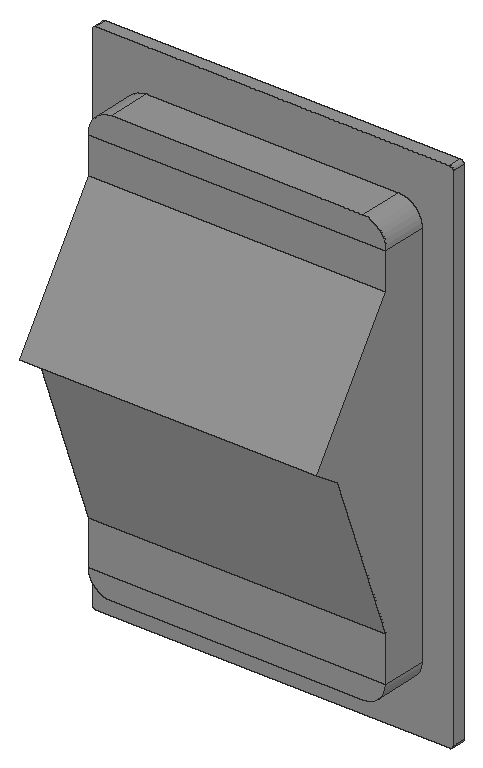
Revit family "L&L_LUCE&LIGHT_PASITO_MINI_1.1", category Lighting Fixtures, host Wall, Revit 2018
Family settings
  Host = Wall
  Round Connector Dimension = Use Diameter
  Part Type = Normal
  OmniClass Number = 23.80.00.00
  OmniClass Title = Electric Power and Lighting
  Always vertical = Yes
  Cut with Voids When Loaded = No
  Light Source = Yes
  Shared = No
  Room Calculation Point = No
Parameters (values of type "PASITO_MINI_1.1 – 60°")
  Wattage = 5 W
  WIDTH = 143.0 mm
  WEIGHT KG = 0.3
  URL IMAGE = "https://www.lucelight.it/media/prodotti/foto/pasito_mini_1.1_still.jpg"
  URL DXF = "https://www.lucelight.it/media/prodotti/dxf/pasito_mini_1.1.dxf"
  URL DESCRIPTION = "https://www.lucelight.it/en/capitolato.php/109965"
  URL CATALOGUE = "https://www.lucelight.it/media/prodotti/brochure/pasito_brochure_en.pdf"
  Type Comments = "recessed (wall)"
  THICKNESS = 44.0 mm
  TECHNICAL SHEET = "https://www.lucelight.it/media/prodotti/st/ST_PASITO_MINI_11.pdf"
  PROTECTION LEVEL = "IP 65"
  PRODUCT CODE CONFIGURATOR = "https://www.lucelight.it/en/prodotto.php/109965#a-generacodice"
  POWER SUPPLY = "24Vdc, 230Vac"
  POWER CONSUMPTION = "6W (230Vac), 5W (24Vdc)"
  PHOTOMETRIC CURVE = ""
  MATERIAL DESCRIPTION = "body in aluminium"
  Lamp = "LED colour white: 2700K, 3000K, 4000K"
  LIGHT MATERIAL = LIGHT_GLASS
  LENGTH = 99.0 mm
  ILLUMINITECHNICAL PERFORMANCE = ""
  IES PHOTOMETRIC ARCHIVE = "https://www.lucelight.it/media/prodotti/fotometrie/pasito_mini_1.1_ies.zip"
  ENERGY EFFIECIENCY CLASS = "A / A+ / A++"
  Dimming Lamp Color Temperature Shift = <None>
  URL = "https://www.lucelight.it/en/"
  built-in parameter 1150107 = 2700 (stored number, unit not read)
  Manufacturer = "L&L Luce&Light"
  built-in parameter 1150110 = 1 (stored number, unit not read)
  built-in parameter 1150109 = 1 (stored number, unit not read)
  built-in parameter 1114216 [instance] = (empty or 0)
  built-in parameter 1114218 = 1 (stored number, unit not read)
  built-in parameter 1150112 = 1 (stored number, unit not read)
  built-in parameter 1150142 = "IESNA:LM-63-2002\r\n[TEST] PASITO M 11 30K80 60 - 20181009-1642.LDT\r\n[TESTLAB] L&L\r\n[TESTDATE] 9 Oct 2018\r\n[ISSUEDATE] 9 Oct 2018\r\n[MANUFAC] L&L\r\n[LUMCAT] PASITO MINI 1.1 BE 60° [2700K 5W 24Vdc] white\r\n[LUMINAIRE] PASITO MINI 1.1 BE 60° [2700K 5W 24Vdc] white\r\n[FLASHAREA] 0.000015\r\n[LAMPCAT] Power LED\r\n[LAMP] Power LED\r\nTILT=NONE\r\n1 190.00 1.0 181 73 1 2 0.002 0.030 0.000\r\n1.00 1.00 5.00\r\n0.00 1.00 2.00 3.00 4.00 5.00 6.00 7.00 8.00 9.00 10.00 \r\n11.00 12.00 13.00 14.00 15.00 16.00 17.00 18.00 19.00 \r\n20.00 21.00 22.00 23.00 24.00 25.00 26.00 27.00 28.00 \r\n29.00 30.00 31.00 32.00 33.00 34.00 35.00 36.00 37.00 \r\n38.00 39.00 40.00 41.00 42.00 43.00 44.00 45.00 46.00 \r\n47.00 48.00 49.00 50.00 51.00 52.00 53.00 54.00 55.00 \r\n56.00 57.00 58.00 59.00 60.00 61.00 62.00 63.00 64.00 \r\n65.00 66.00 67.00 68.00 69.00 70.00 71.00 72.00 73.00 \r\n74.00 75.00 76.00 77.00 78.00 79.00 80.00 81.00 82.00 \r\n83.00 84.00 85.00 86.00 87.00 88.00 89.00 90.00 91.00 \r\n92.00 93.00 94.00 95.00 96.00 97.00 98.00 99.00 100.00 \r\n101.00 102.00 103.00 104.00 105.00 106.00 107.00 108.00 \r\n109.00 110.00 111.00 112.00 113.00 114.00 115.00 116.00 \r\n117.00 118.00 119.00 120.00 121.00 122.00 123.00 124.00 \r\n125.00 126.00 127.00 128.00 129.00 130.00 131.00 132.00 \r\n133.00 134.00 135.00 136.00 137.00 138.00 139.00 140.00 \r\n141.00 142.00 143.00 144.00 145.00 146.00 147.00 148.00 \r\n149.00 150.00 151.00 152.00 153.00 154.00 155.00 156.00 \r\n157.00 158.00 159.00 160.00 161.00 162.00 163.00 164.00 \r\n165.00 166.00 167.00 168.00 169.00 170.00 171.00 172.00 \r\n173.00 174.00 175.00 176.00 177.00 178.00 179.00 180.00 \r\n0.00 5.00 10.00 15.00 20.00 25.00 30.00 35.00 40.00 45.00 \r\n50.00 55.00 60.00 65.00 70.00 75.00 80.00 85.00 90.00 \r\n95.00 100.00 105.00 110.00 115.00 120.00 125.00 130.00 \r\n135.00 140.00 145.00 150.00 155.00 160.00 165.00 170.00 \r\n175.00 180.00 185.00 190.00 195.00 200.00 205.00 210.00 \r\n215.00 220.00 225.00 230.00 235.00 240.00 245.00 250.00 \r\n255.00 260.00 265.00 270.00 275.00 280.00 285.00 290.00 \r\n295.00 300.00 305.00 310.00 315.00 320.00 325.00 330.00 \r\n335.00 340.00 345.00 350.00 355.00 360.00 \r\n0.01 0.02 0.02 0.02 0.03 0.03 0.03 0.04 0.04 0.04 0.05 \r\n0.05 0.05 0.06 0.06 0.07 0.07 0.07 0.08 0.08 0.09 0.09 \r\n0.10 0.10 0.10 0.11 0.11 0.12 0.12 0.13 0.13 0.14 0.14 \r\n0.15 0.15 0.16 0.16 0.16 0.17 0.17 0.18 0.18 0.19 0.19 \r\n0.19 0.20 0.20 0.21 0.21 0.21 0.22 0.22 0.23 0.23 0.23 \r\n0.24 0.24 0.25 0.25 0.25 0.26 0.26 0.26 0.27 0.27 0.27 \r\n0.28 0.28 0.28 0.29 0.29 0.29 0.30 0.30 0.30 0.31 0.31 \r\n0.31 0.31 0.31 0.32 0.32 0.32 0.32 0.32 0.32 0.33 0.33 \r\n0.33 0.33 0.33 0.33 0.33 0.33 0.33 0.33 0.33 0.33 0.33 \r\n0.33 0.33 0.33 0.32 0.32 0.32 0.32 0.32 0.31 0.31 0.31 \r\n0.31 0.30 0.30 0.30 0.29 0.29 0.29 0.28 0.28 0.28 0.27 \r\n0.27 0.26 0.26 0.25 0.25 0.24 0.24 0.23 0.23 0.23 0.22 \r\n0.22 0.21 0.21 0.20 0.20 0.19 0.19 0.18 0.18 0.17 0.17 \r\n0.16 0.16 0.15 0.15 0.14 0.14 0.13 0.13 0.12 0.12 0.11 \r\n0.11 0.10 0.10 0.09 0.09 0.08 0.08 0.07 0.07 0.06 0.06 \r\n0.05 0.05 0.04 0.04 0.03 0.03 0.03 0.02 0.02 0.02 0.02 \r\n0.02 0.02 0.02 0.02 0.02 \r\n0.01 0.02 0.02 0.02 0.02 0.02 0.02 0.01 0.01 0.01 0.00 \r\n0.00 0.00 0.00 0.00 0.00 0.00 0.00 0.00 0.00 0.00 0.00 \r\n0.00 0.00 0.00 0.00 0.00 0.00 0.00 0.00 0.00 0.00 0.00 \r\n0.00 0.00 0.00 0.00 0.00 0.00 0.00 0.00 0.00 0.00 0.00 \r\n0.00 0.00 0.00 0.00 0.00 0.00 0.00 0.00 0.00 0.00 0.00 \r\n0.00 0.00 0.00 0.00 0.00 0.00 0.00 0.00 0.00 0.00 0.00 \r\n0.00 0.00 0.00 0.00 0.00 0.00 0.00 0.00 0.00 0.00 0.00 \r\n0.00 0.00 0.00 0.00 0.00 0.00 0.00 0.00 0.00 0.00 0.00 \r\n0.00 0.00 0.00 0.00 0.00 0.00 0.00 0.00 0.00 0.00 0.00 \r\n0.00 0.00 0.00 0.00 0.00 0.00 0.00 0.00 0.00 0.00 0.00 \r\n0.00 0.00 0.00 0.00 0.00 0.00 0.00 0.00 0.00 0.00 0.00 \r\n0.00 0.00 0.00 0.00 0.00 0.00 0.00 0.00 0.00 0.00 0.00 \r\n0.00 0.00 0.00 0.00 0.00 0.00 0.00 0.00 0.00 0.00 0.00 \r\n0.00 0.00 0.00 0.00 0.00 0.00 0.00 0.00 0.00 0.00 0.00 \r\n0.00 0.00 0.00 0.00 0.00 0.00 0.00 0.00 0.00 0.00 0.00 \r\n0.00 0.00 0.00 0.00 0.00 0.00 0.00 0.01 0.01 0.01 0.01 \r\n0.01 0.01 0.01 0.01 0.02 \r\n0.01 0.01 0.02 0.01 0.01 0.00 0.00 0.00 0.00 0.00 0.00 \r\n0.00 0.00 0.00 0.00 0.00 0.00 0.00 0.00 0.00 0.00 0.00 \r\n0.00 0.00 0.00 0.00 0.00 0.00 0.00 0.00 0.00 0.00 0.00 \r\n0.00 0.00 0.00 0.00 0.00 0.00 0.00 0.00 0.00 0.00 0.00 \r\n0.00 0.00 0.00 0.00 0.00 0.00 0.00 0.00 0.00 0.00 0.00 \r\n0.00 0.00 0.00 0.00 0.00 0.00 0.00 0.00 0.00 0.00 0.00 \r\n0.00 0.00 0.00 0.00 0.00 0.00 0.00 0.00 0.00 0.00 0.00 \r\n0.00 0.00 0.00 0.00 0.00 0.00 0.00 0.00 0.00 0.00 0.00 \r\n0.00 0.00 0.00 0.00 0.00 0.00 0.00 0.00 0.00 0.00 0.00 \r\n0.00 0.00 0.00 0.00 0.00 0.00 0.00 0.00 0.00 0.00 0.00 \r\n0.00 0.00 0.00 0.00 0.00 0.00 0.00 0.00 0.00 0.00 0.00 \r\n0.00 0.00 0.00 0.00 0.00 0.00 0.00 0.00 0.00 0.00 0.00 \r\n0.00 0.00 0.00 0.00 0.00 0.00 0.00 0.00 0.00 0.00 0.00 \r\n0.00 0.00 0.00 0.00 0.00 0.00 0.00 0.00 0.00 0.00 0.00 \r\n0.00 0.00 0.00 0.00 0.00 0.00 0.00 0.00 0.00 0.00 0.00 \r\n0.00 0.00 0.00 0.00 0.00 0.00 0.00 0.00 0.00 0.00 0.00 \r\n0.00 0.01 0.01 0.01 0.02 \r\n0.01 0.01 0.01 0.01 0.00 0.00 0.00 0.00 0.00 0.00 0.00 \r\n0.00 0.00 0.00 0.00 0.00 0.00 0.00 0.00 0.00 0.00 0.00 \r\n0.00 0.00 0.00 0.00 0.00 0.00 0.00 0.00 0.00 0.00 0.00 \r\n0.00 0.00 0.00 0.00 0.00 0.00 0.00 0.00 0.00 0.00 0.00 \r\n0.00 0.00 0.00 0.00 0.00 0.00 0.00 0.00 0.00 0.00 0.00 \r\n0.00 0.00 0.00 0.00 0.00 0.00 0.00 0.00 0.00 0.00 0.00 \r\n0.00 0.00 0.00 0.00 0.00 0.00 0.00 0.00 0.00 0.00 0.00 \r\n0.00 0.00 0.00 0.00 0.00 0.00 0.00 0.00 0.00 0.00 0.00 \r\n0.00 0.00 0.00 0.00 0.00 0.00 0.00 0.00 0.00 0.00 0.00 \r\n0.00 0.00 0.00 0.00 0.00 0.00 0.00 0.00 0.00 0.00 0.00 \r\n0.00 0.00 0.00 0.00 0.00 0.00 0.00 0.00 0.00 0.00 0.00 \r\n0.00 0.00 0.00 0.00 0.00 0.00 0.00 0.00 0.00 0.00 0.00 \r\n0.00 0.00 0.00 0.00 0.00 0.00 0.00 0.00 0.00 0.00 0.00 \r\n0.00 0.00 0.00 0.00 0.00 0.00 0.00 0.00 0.00 0.00 0.00 \r\n0.00 0.00 0.00 0.00 0.00 0.00 0.00 0.00 0.00 0.00 0.00 \r\n0.00 0.00 0.00 0.00 0.00 0.00 0.00 0.00 0.00 0.00 0.00 \r\n0.00 0.00 0.01 0.01 0.02 \r\n0.01 0.01 0.01 0.00 0.00 0.00 0.00 0.00 0.00 0.00 0.00 \r\n0.00 0.00 0.00 0.00 0.00 0.00 0.00 0.00 0.00 0.00 0.00 \r\n0.00 0.00 0.00 0.00 0.00 0.00 0.00 0.00 0.00 0.00 0.00 \r\n0.00 0.00 0.00 0.00 0.00 0.00 0.00 0.00 0.00 0.00 0.00 \r\n0.00 0.00 0.00 0.00 0.00 0.00 0.00 0.00 0.00 0.00 0.00 \r\n0.00 0.00 0.00 0.00 0.00 0.00 0.00 0.00 0.00 0.00 0.00 \r\n0.00 0.00 0.00 0.00 0.00 0.00 0.00 0.00 0.00 0.00 0.00 \r\n0.00 0.00 0.00 0.00 0.00 0.00 0.00 0.00 0.00 0.00 0.00 \r\n0.00 0.00 0.00 0.00 0.00 0.00 0.00 0.00 0.00 0.00 0.00 \r\n0.00 0.00 0.00 0.00 0.00 0.00 0.00 0.00 0.00 0.00 0.00 \r\n0.00 0.00 0.00 0.00 0.00 0.00 0.00 0.00 0.00 0.00 0.00 \r\n0.00 0.00 0.00 0.00 0.00 0.00 0.00 0.00 0.00 0.00 0.00 \r\n0.00 0.00 0.00 0.00 0.00 0.00 0.00 0.00 0.00 0.00 0.00 \r\n0.00 0.00 0.00 0.00 0.00 0.00 0.00 0.00 0.00 0.00 0.00 \r\n0.00 0.00 0.00 0.00 0.00 0.00 0.00 0.00 0.00 0.00 0.00 \r\n0.00 0.00 0.00 0.00 0.00 0.00 0.00 0.00 0.00 0.00 0.00 \r\n0.00 0.00 0.00 0.01 0.02 \r\n0.01 0.01 0.00 0.00 0.00 0.00 0.00 0.00 0.00 0.00 0.00 \r\n0.00 0.00 0.00 0.00 0.00 0.00 0.00 0.00 0.00 0.00 0.00 \r\n0.00 0.00 0.00 0.00 0.00 0.00 0.00 0.00 0.00 0.00 0.00 \r\n0.00 0.00 0.00 0.00 0.00 0.00 0.00 0.00 0.00 0.00 0.00 \r\n0.00 0.00 0.00 0.00 0.00 0.00 0.00 0.00 0.00 0.00 0.00 \r\n0.00 0.00 0.00 0.00 0.00 0.00 0.00 0.00 0.00 0.00 0.00 \r\n0.00 0.00 0.00 0.00 0.00 0.00 0.00 0.00 0.00 0.00 0.00 \r\n0.00 0.00 0.00 0.00 0.00 0.00 0.00 0.00 0.00 0.00 0.00 \r\n0.00 0.00 0.00 0.00 0.00 0.00 0.00 0.00 0.00 0.00 0.00 \r\n0.00 0.00 0.00 0.00 0.00 0.00 0.00 0.00 0.00 0.00 0.00 \r\n0.00 0.00 0.00 0.00 0.00 0.00 0.00 0.00 0.00 0.00 0.00 \r\n0.00 0.00 0.00 0.00 0.00 0.00 0.00 0.00 0.00 0.00 0.00 \r\n0.00 0.00 0.00 0.00 0.00 0.00 0.00 0.00 0.00 0.00 0.00 \r\n0.00 0.00 0.00 0.00 0.00 0.00 0.00 0.00 0.00 0.00 0.00 \r\n0.00 0.00 0.00 0.00 0.00 0.00 0.00 0.00 0.00 0.00 0.00 \r\n0.00 0.00 0.00 0.00 0.00 0.00 0.00 0.00 0.00 0.00 0.00 \r\n0.00 0.00 0.00 0.01 0.02 \r\n0.01 0.01 0.00 0.00 0.00 0.00 0.00 0.00 0.00 0.00 0.00 \r\n0.00 0.00 0.00 0.00 0.00 0.00 0.00 0.00 0.00 0.00 0.00 \r\n0.00 0.00 0.00 0.00 0.00 0.00 0.00 0.00 0.00 0.00 0.00 \r\n0.00 0.00 0.00 0.00 0.00 0.00 0.00 0.00 0.00 0.00 0.00 \r\n0.00 0.00 0.00 0.00 0.00 0.00 0.00 0.00 0.00 0.00 0.00 \r\n0.00 0.00 0.00 0.00 0.00 0.00 0.00 0.00 0.00 0.00 0.00 \r\n0.00 0.00 0.00 0.00 0.00 0.00 0.00 0.00 0.00 0.00 0.00 \r\n0.00 0.00 0.00 0.00 0.00 0.00 0.00 0.00 0.00 0.00 0.00 \r\n0.00 0.00 0.00 0.00 0.00 0.00 0.00 0.00 0.00 0.00 0.00 \r\n0.00 0.00 0.00 0.00 0.00 0.00 0.00 0.00 0.00 0.00 0.00 \r\n0.00 0.00 0.00 0.00 0.00 0.00 0.00 0.00 0.00 0.00 0.00 \r\n0.00 0.00 0.00 0.00 0.00 0.00 0.00 0.00 0.00 0.00 0.00 \r\n0.00 0.00 0.00 0.00 0.00 0.00 0.00 0.00 0.00 0.00 0.00 \r\n0.00 0.00 0.00 0.00 0.00 0.00 0.00 0.00 0.00 0.00 0.00 \r\n0.00 0.00 0.00 0.00 0.00 0.00 0.00 0.00 0.00 0.00 0.00 \r\n0.00 0.00 0.00 0.00 0.00 0.00 0.00 0.00 0.00 0.00 0.00 \r\n0.00 0.00 0.00 0.01 0.02 \r\n0.01 0.01 0.00 0.00 0.00 0.00 0.00 0.00 0.00 0.00 0.00 \r\n0.00 0.00 0.00 0.00 0.00 0.00 0.00 0.00 0.00 0.00 0.00 \r\n0.00 0.00 0.00 0.00 0.00 0.00 0.00 0.00 0.00 0.00 0.00 \r\n0.00 0.00 0.00 0.00 0.00 0.00 0.00 0.00 0.00 0.00 0.00 \r\n0.00 0.00 0.00 0.00 0.00 0.00 0.00 0.00 0.00 0.00 0.00 \r\n0.00 0.00 0.00 0.00 0.00 0.00 0.00 0.00 0.00 0.00 0.00 \r\n0.00 0.00 0.00 0.00 0.00 0.00 0.00 0.00 0.00 0.00 0.00 \r\n0.00 0.00 0.00 0.00 0.00 0.00 0.00 0.00 0.00 0.00 0.00 \r\n0.00 0.00 0.00 0.00 0.00 0.00 0.00 0.00 0.00 0.00 0.00 \r\n0.00 0.00 0.00 0.00 0.00 0.00 0.00 0.00 0.00 0.00 0.00 \r\n0.00 0.00 0.00 0.00 0.00 0.00 0.00 0.00 0.00 0.00 0.00 \r\n0.00 0.00 0.00 0.00 0.00 0.00 0.00 0.00 0.00 0.00 0.00 \r\n0.00 0.00 0.00 0.00 0.00 0.00 0.00 0.00 0.00 0.00 0.00 \r\n0.00 0.00 0.00 0.00 0.00 0.00 0.00 0.00 0.00 0.00 0.00 \r\n0.00 0.00 0.00 0.00 0.00 0.00 0.00 0.00 0.00 0.00 0.00 \r\n0.00 0.00 0.00 0.00 0.00 0.00 0.00 0.00 0.00 0.00 0.00 \r\n0.00 0.00 0.00 0.01 0.02 \r\n0.01 0.01 0.00 0.00 0.00 0.00 0.00 0.00 0.00 0.00 0.00 \r\n0.00 0.00 0.00 0.00 0.00 0.00 0.00 0.00 0.00 0.00 0.00 \r\n0.00 0.00 0.00 0.00 0.00 0.00 0.00 0.00 0.00 0.00 0.00 \r\n0.00 0.00 0.00 0.00 0.00 0.00 0.00 0.00 0.00 0.00 0.00 \r\n0.00 0.00 0.00 0.00 0.00 0.00 0.00 0.00 0.00 0.00 0.00 \r\n0.00 0.00 0.00 0.00 0.00 0.00 0.00 0.00 0.00 0.00 0.00 \r\n0.00 0.00 0.00 0.00 0.00 0.00 0.00 0.00 0.00 0.00 0.00 \r\n0.00 0.00 0.00 0.00 0.00 0.00 0.00 0.00 0.00 0.00 0.00 \r\n0.00 0.00 0.00 0.00 0.00 0.00 0.00 0.00 0.00 0.00 0.00 \r\n0.00 0.00 0.00 0.00 0.00 0.00 0.00 0.00 0.00 0.00 0.00 \r\n0.00 0.00 0.00 0.00 0.00 0.00 0.00 0.00 0.00 0.00 0.00 \r\n0.00 0.00 0.00 0.00 0.00 0.00 0.00 0.00 0.00 0.00 0.00 \r\n0.00 0.00 0.00 0.00 0.00 0.00 0.00 0.00 0.00 0.00 0.00 \r\n0.00 0.00 0.00 0.00 0.00 0.00 0.00 0.00 0.00 0.00 0.00 \r\n0.00 0.00 0.00 0.00 0.00 0.00 0.00 0.00 0.00 0.00 0.00 \r\n0.00 0.00 0.00 0.00 0.00 0.00 0.00 0.00 0.00 0.00 0.00 \r\n0.00 0.00 0.00 0.01 0.02 \r\n0.01 0.01 0.00 0.00 0.00 0.00 0.00 0.00 0.00 0.00 0.00 \r\n0.00 0.00 0.00 0.00 0.00 0.00 0.00 0.00 0.00 0.00 0.00 \r\n0.00 0.00 0.00 0.00 0.00 0.00 0.00 0.00 0.00 0.00 0.00 \r\n0.00 0.00 0.00 0.00 0.00 0.00 0.00 0.00 0.00 0.00 0.00 \r\n0.00 0.00 0.00 0.00 0.00 0.00 0.00 0.00 0.00 0.00 0.00 \r\n0.00 0.00 0.00 0.00 0.00 0.00 0.00 0.00 0.00 0.00 0.00 \r\n0.00 0.00 0.00 0.00 0.00 0.00 0.00 0.00 0.00 0.00 0.00 \r\n0.00 0.00 0.00 0.00 0.00 0.00 0.00 0.00 0.00 0.00 0.00 \r\n0.00 0.00 0.00 0.00 0.00 0.00 0.00 0.00 0.00 0.00 0.00 \r\n0.00 0.00 0.00 0.00 0.00 0.00 0.00 0.00 0.00 0.00 0.00 \r\n0.00 0.00 0.00 0.00 0.00 0.00 0.00 0.00 0.00 0.00 0.00 \r\n0.00 0.00 0.00 0.00 0.00 0.00 0.00 0.00 0.00 0.00 0.00 \r\n0.00 0.00 0.00 0.00 0.00 0.00 0.00 0.00 0.00 0.00 0.00 \r\n0.00 0.00 0.00 0.00 0.00 0.00 0.00 0.00 0.00 0.00 0.00 \r\n0.00 0.00 0.00 0.00 0.00 0.00 0.00 0.00 0.00 0.00 0.00 \r\n0.00 0.00 0.00 0.00 0.00 0.00 0.00 0.00 0.00 0.00 0.00 \r\n0.00 0.00 0.00 0.00 0.02 \r\n0.01 0.01 0.00 0.00 0.00 0.00 0.00 0.00 0.00 0.00 0.00 \r\n0.00 0.00 0.00 0.00 0.00 0.00 0.00 0.00 0.00 0.00 0.00 \r\n0.00 0.00 0.00 0.00 0.00 0.00 0.00 0.00 0.00 0.00 0.00 \r\n0.00 0.00 0.00 0.00 0.00 0.00 0.00 0.00 0.00 0.00 0.00 \r\n0.00 0.00 0.00 0.00 0.00 0.00 0.00 0.00 0.00 0.00 0.00 \r\n0.00 0.00 0.00 0.00 0.00 0.00 0.00 0.00 0.00 0.00 0.00 \r\n0.00 0.00 0.00 0.00 0.00 0.00 0.00 0.00 0.00 0.00 0.00 \r\n0.00 0.00 0.00 0.00 0.00 0.00 0.00 0.00 0.00 0.00 0.00 \r\n0.00 0.00 0.00 0.00 0.00 0.00 0.00 0.00 0.00 0.00 0.00 \r\n0.00 0.00 0.00 0.00 0.00 0.00 0.00 0.00 0.00 0.00 0.00 \r\n0.00 0.00 0.00 0.00 0.00 0.00 0.00 0.00 0.00 0.00 0.00 \r\n0.00 0.00 0.00 0.00 0.00 0.00 0.00 0.00 0.00 0.00 0.00 \r\n0.00 0.00 0.00 0.00 0.00 0.00 0.00 0.00 0.00 0.00 0.00 \r\n0.00 0.00 0.00 0.00 0.00 0.00 0.00 0.00 0.00 0.00 0.00 \r\n0.00 0.00 0.00 0.00 0.00 0.00 0.00 0.00 0.00 0.00 0.00 \r\n0.00 0.00 0.00 0.00 0.00 0.00 0.00 0.00 0.00 0.00 0.00 \r\n0.00 0.00 0.00 0.00 0.02 \r\n0.01 0.00 0.00 0.00 0.00 0.00 0.00 0.00 0.00 0.00 0.00 \r\n0.00 0.00 0.00 0.00 0.00 0.00 0.00 0.00 0.00 0.00 0.00 \r\n0.00 0.00 0.00 0.00 0.00 0.00 0.00 0.00 0.00 0.00 0.00 \r\n0.00 0.00 0.00 0.00 0.00 0.00 0.00 0.00 0.00 0.00 0.00 \r\n0.00 0.00 0.00 0.00 0.00 0.00 0.00 0.00 0.00 0.00 0.00 \r\n0.00 0.00 0.00 0.00 0.00 0.00 0.00 0.00 0.00 0.00 0.00 \r\n0.00 0.00 0.00 0.00 0.00 0.00 0.00 0.00 0.00 0.00 0.00 \r\n0.00 0.00 0.00 0.00 0.00 0.00 0.00 0.00 0.00 0.00 0.00 \r\n0.00 0.00 0.00 0.00 0.00 0.00 0.00 0.00 0.00 0.00 0.00 \r\n0.00 0.00 0.00 0.00 0.00 0.00 0.00 0.00 0.00 0.00 0.00 \r\n0.00 0.00 0.00 0.00 0.00 0.00 0.00 0.00 0.00 0.00 0.00 \r\n0.00 0.00 0.00 0.00 0.00 0.00 0.00 0.00 0.00 0.00 0.00 \r\n0.00 0.00 0.00 0.00 0.00 0.00 0.00 0.00 0.00 0.00 0.00 \r\n0.00 0.00 0.00 0.00 0.00 0.00 0.00 0.00 0.00 0.00 0.00 \r\n0.00 0.00 0.00 0.00 0.00 0.00 0.00 0.00 0.00 0.00 0.00 \r\n0.00 0.00 0.00 0.00 0.00 0.00 0.00 0.00 0.00 0.00 0.00 \r\n0.00 0.00 0.00 0.00 0.02 \r\n0.01 0.00 0.00 0.00 0.00 0.00 0.00 0.00 0.00 0.00 0.00 \r\n0.00 0.00 0.00 0.00 0.00 0.00 0.00 0.00 0.00 0.00 0.00 \r\n0.00 0.00 0.00 0.00 0.00 0.00 0.00 0.00 0.00 0.00 0.00 \r\n0.00 0.00 0.00 0.00 0.00 0.00 0.00 0.00 0.00 0.00 0.00 \r\n0.00 0.00 0.00 0.00 0.00 0.00 0.00 0.00 0.00 0.00 0.00 \r\n0.00 0.00 0.00 0.00 0.00 0.00 0.00 0.00 0.00 0.00 0.00 \r\n0.00 0.00 0.00 0.00 0.00 0.00 0.00 0.00 0.00 0.00 0.00 \r\n0.00 0.00 0.00 0.00 0.00 0.00 0.00 0.00 0.00 0.00 0.00 \r\n0.00 0.00 0.00 0.00 0.00 0.00 0.00 0.00 0.00 0.00 0.00 \r\n0.00 0.00 0.00 0.00 0.00 0.00 0.00 0.00 0.00 0.00 0.00 \r\n0.00 0.00 0.00 0.00 0.00 0.00 0.00 0.00 0.00 0.00 0.00 \r\n0.00 0.00 0.00 0.00 0.00 0.00 0.00 0.00 0.00 0.00 0.00 \r\n0.00 0.00 0.00 0.00 0.00 0.00 0.00 0.00 0.00 0.00 0.00 \r\n0.00 0.00 0.00 0.00 0.00 0.00 0.00 0.00 0.00 0.00 0.00 \r\n0.00 0.00 0.00 0.00 0.00 0.00 0.00 0.00 0.00 0.00 0.00 \r\n0.00 0.00 0.00 0.00 0.00 0.00 0.00 0.00 0.00 0.00 0.00 \r\n0.00 0.00 0.00 0.00 0.02 \r\n0.01 0.00 0.00 0.00 0.00 0.00 0.00 0.00 0.00 0.00 0.00 \r\n0.00 0.00 0.00 0.00 0.00 0.00 0.00 0.00 0.00 0.00 0.00 \r\n0.00 0.00 0.00 0.00 0.00 0.00 0.00 0.00 0.00 0.00 0.00 \r\n0.00 0.00 0.00 0.00 0.00 0.00 0.00 0.00 0.00 0.00 0.00 \r\n0.00 0.00 0.00 0.00 0.00 0.00 0.00 0.00 0.00 0.00 0.00 \r\n0.00 0.00 0.00 0.00 0.00 0.00 0.00 0.00 0.00 0.00 0.00 \r\n0.00 0.00 0.00 0.00 0.00 0.00 0.00 0.00 0.00 0.00 0.00 \r\n0.00 0.00 0.00 0.00 0.00 0.00 0.00 0.00 0.00 0.00 0.00 \r\n0.00 0.00 0.00 0.00 0.00 0.00 0.00 0.00 0.00 0.00 0.00 \r\n0.00 0.00 0.00 0.00 0.00 0.00 0.00 0.00 0.00 0.00 0.00 \r\n0.00 0.00 0.00 0.00 0.00 0.00 0.00 0.00 0.00 0.00 0.00 \r\n0.00 0.00 0.00 0.00 0.00 0.00 0.00 0.00 0.00 0.00 0.00 \r\n0.00 0.00 0.00 0.00 0.00 0.00 0.00 0.00 0.00 0.00 0.00 \r\n0.00 0.00 0.00 0.00 0.00 0.00 0.00 0.00 0.00 0.00 0.00 \r\n0.00 0.00 0.00 0.00 0.00 0.00 0.00 0.00 0.00 0.00 0.00 \r\n0.00 0.00 0.00 0.00 0.00 0.00 0.00 0.00 0.00 0.00 0.00 \r\n0.00 0.00 0.00 0.00 0.02 \r\n0.01 0.00 0.00 0.00 0.00 0.00 0.00 0.00 0.00 0.00 0.00 \r\n0.00 0.00 0.00 0.00 0.00 0.00 0.00 0.00 0.00 0.00 0.00 \r\n0.00 0.00 0.00 0.00 0.00 0.00 0.00 0.00 0.00 0.00 0.00 \r\n0.00 0.00 0.00 0.00 0.00 0.00 0.00 0.00 0.00 0.00 0.00 \r\n0.00 0.00 0.00 0.00 0.00 0.00 0.00 0.00 0.00 0.00 0.00 \r\n0.00 0.00 0.00 0.00 0.00 0.00 0.00 0.00 0.00 0.00 0.00 \r\n0.00 0.00 0.00 0.00 0.00 0.00 0.00 0.00 0.00 0.00 0.00 \r\n0.00 0.00 0.00 0.00 0.00 0.00 0.00 0.00 0.00 0.00 0.00 \r\n0.00 0.00 0.00 0.00 0.00 0.00 0.00 0.00 0.00 0.00 0.00 \r\n0.00 0.00 0.00 0.00 0.00 0.00 0.00 0.00 0.00 0.00 0.00 \r\n0.00 0.00 0.00 0.00 0.00 0.00 0.00 0.00 0.00 0.00 0.00 \r\n0.00 0.00 0.00 0.00 0.00 0.00 0.00 0.00 0.00 0.00 0.00 \r\n0.00 0.00 
